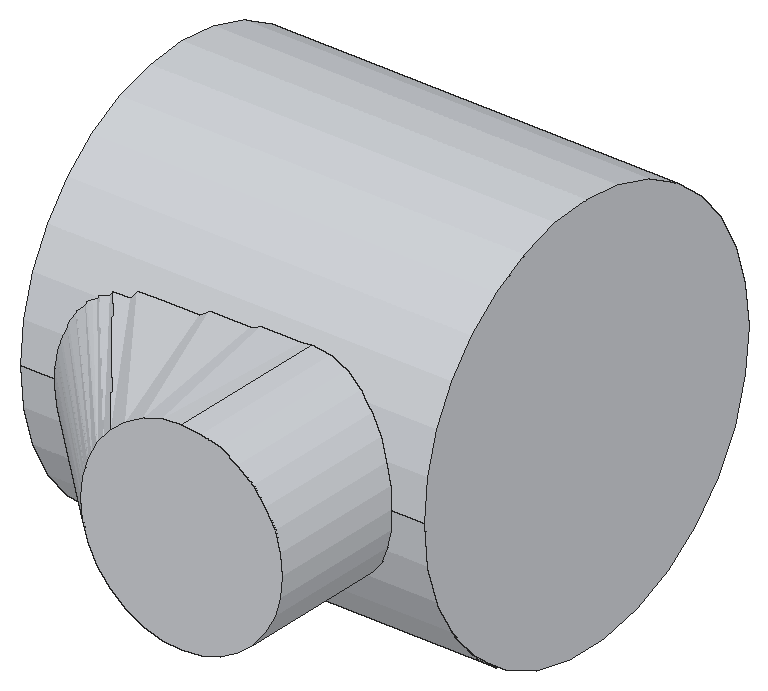
Revit family "M_T redondo - Chanfrado", category Conexões de duto, Revit 2019
Family settings
  Cota do conector redondo = Usar raio
  Tipo de parte = Tê
  Número OmniClass = 23.75.70.14
  Título OmniClass = Air Ductwork
  ID de item do Seek = Round Tee - Beveled-0000-CAN-ENU
  Com base no plano de trabalho = Não
  Sempre na vertical = Sim
  Corte com vazios quando carregada = Não
  Compartilhado = Não
Parameters (values of type "Padrão")
  Comprimento do rebaixo [instance] = 25 mm
  Raio [instance] = if(Raio do duto 1 > Raio do duto 3, Raio do duto 1, Raio do duto 3)  # 150 mm
  Comprimento 7 [instance] = if(Raio do duto 3 > Comprimento 2, Raio do duto 3 + Comprimento do rebaixo, Comprimento 2)  # 100 mm
  Comprimento 6 [instance] = Raio do duto 3 * 2 + Comprimento 1 - Raio do duto 1 + Comprimento do rebaixo * 2  # 300 mm
  Comprimento 5 [instance] = if(Comprimento 6 - Comprimento 2 > Comprimento 2, Comprimento 2, (Comprimento 6 - Comprimento 2))  # 100 mm
  Comprimento 4 [instance] = Comprimento do duto 3 + Raio do duto 1  # 250 mm
  Comprimento 3 [instance] = Raio base - Raio do duto 3  # 125 mm
  Comprimento 2 [instance] = Raio do duto 3 + Comprimento do rebaixo  # 100 mm
  Comprimento 1 [instance] = if(or(Comprimento 4 = Raio do duto 1, Comprimento 4 < Raio do duto 1), Raio do duto 1 + Comprimento do duto 3, Comprimento 4)  # 250 mm
  Raio do duto 3 [instance] = 75 mm
  Raio do duto 1 [instance] = 150 mm
  Comprimento do duto 3 [instance] = if(Diâmetro do duto 3 < 210 mm, 100 mm, (if(Diâmetro do duto 3 < 360 mm, 175 mm, (if(Diâmetro do duto 3 < 650 mm, 250 mm, 325 mm)))))  # 100 mm
  Comprimento do duto 1 [instance] = if(Raio do duto 3 > Comprimento 5, (Comprimento 6 + Raio do duto 3 - Comprimento 5 + Comprimento do rebaixo), Comprimento 6)  # 300 mm
  Diâmetro do duto 3 [instance] = Raio do duto 3 * 2  # 150 mm
  Diâmetro do duto 1 [instance] = Raio do duto 1 * 2  # 300 mm
  Raio base [instance] = (Diâmetro do duto 3 + Comprimento 1) / 2  # 200 mm
  Assembly Code = ""
Reference planes
  plane 1 "Centro (Frente/Trás)": y = 0
  plane 2: z = 0
  plane 3 "Centro (Esquerda/Direita)": x = 0
  plane 4: x = -200
  plane 5: x = 100
  plane 6: y = -250
  plane 7: x = -250
  plane 8: x = -450
Forms (mm)
  Sweep 1, solid, detail levels medium+fine
    path origin (0, 0, 0) x (1, 0, 0) y (0, 1, 0)
      loop
        line (-200, 0) -> (100, 0)
    profile origin (-50, 0, 0) x (0, 1, 0) y (0, 0, 1)
      loop
        circle (0, 0) r 150
  Blend 2, solid, detail levels medium+fine
    base sketch origin (0, 0, 0) x (1, 0, 0) y (0, 0, 1)
      loop
        arc (-250, 75) -> (-325, 0) -> (-250, -75) r 75
        line (-250, -75) -> (0, -75)
        arc (0, -75) -> (75, 0) -> (0, 75) r 75
        line (0, 75) -> (-250, 75)
    top sketch origin (0, 0, 0) x (1, 0, 0) y (0, 0, 1)
      loop
        arc (0, 75) -> (-28.701, 69.291) -> (-53.033, 53.033) r 75
        arc (-53.033, 53.033) -> (-75, 0) -> (-53.033, -53.033) r 75
        arc (-53.033, -53.033) -> (-28.701, -69.291) -> (0, -75) r 75
        arc (0, -75) -> (75, 0) -> (0, 75) r 75
    from 0 to 250
  Sweep 3, void
    path origin (0, 0, 0) x (1, 0, 0) y (0, 1, 0)
      loop
        line (-450, 0) -> (-200, 0)
    profile origin (-325, 0, 0) x (0, 1, 0) y (0, 0, 1)
      loop
        circle (0, 0) r 150
  Sweep 4, void
    path origin (0, 0, 0) x (1, 0, 0) y (0, 1, 0)
      loop
        line (-450, 0) -> (-200, 0)
    profile origin (-325, 0, 0) x (0, 1, 0) y (0, 0, 1)
      loop
        circle (0, 0) r 152.4
  Sweep 5, void
    path origin (0, 0, 0) x (1, 0, 0) y (0, 1, 0)
      loop
        line (-450, 0) -> (-200, 0)
    profile origin (-325, 0, 0) x (0, 1, 0) y (0, 0, 1)
      loop
        circle (0, 0) r 150
  Extrusion 6, solid, not visible
    sketch origin (0, 0, 0) x (1, 0, 0) y (0, 0, 1)
      loop
        circle (0, 0) r 0.635
    from 0 to 250
Cuts and joins
  Sweep 3, Sweep 4, Sweep 5 cuts Sweep 1
  Sweep 3, Sweep 4, Sweep 5 cuts Blend 2
Lines and regions (mm)
  model lines, style "DuctFitting", detail levels coarse
    curve 1: line (-200, 0, 0) -> (100, 0, 0)
  model lines, detail levels coarse
    curve 2: line (0, 0, 0) -> (0, -250, 0)
  reference lines
    curve 3: line (0, 0, 0) -> (-228.997, 0, 228.997)
    curve 4: line (0, 0, 0) -> (-220.016, 0, -220.016)
Dimensions and locks
  "Comprimento 1": curve 2 to curve 2
  "Comprimento do duto 1": plane 4 to plane 5
  "Comprimento 7": plane 3 "Centro (Esquerda/Direita)" to plane 5
  "Comprimento 1": plane 6 to plane 1 "Centro (Frente/Trás)"
  "Comprimento 1": plane 7 to plane 3 "Centro (Esquerda/Direita)"
  "Comprimento 1": plane 8 to plane 4
  "Raio do duto 1": radius of Sweep 1 sketch curve
  "Raio do duto 3": radius of Blend 2 sketch curve  (x6)
  "Raio do duto 1": radius of Sweep 3 sketch curve
  radius of Extrusion 6 sketch curve = 0.635 mm
  "Raio": radius of Sweep 5 sketch curve
  locked: curve 2 to plane 1 "Centro (Frente/Trás)" (angle 90.00°)
  angle plane 3 "Centro (Esquerda/Direita)" to curve 3 = 45.00°
  angle curve 4 to plane 3 "Centro (Esquerda/Direita)" = 45.00°
  aligned and locked: plane 4 to curve 1
  aligned and locked: plane 5 to curve 1
  aligned and locked: Sweep 1 sketch curve to curve 1
  aligned and locked: profile plane to Sweep 1 sketch curve  (x2)
  aligned and locked: plane 3 "Centro (Esquerda/Direita)" to curve 2
  aligned and locked: plane 3 "Centro (Esquerda/Direita)" to Blend 2 sketch curve  (x4)
  aligned and locked: plane 2 to Blend 2 sketch curve  (x3)
  aligned and locked: Blend 2 to plane 1 "Centro (Frente/Trás)"
  aligned and locked: Blend 2 to plane 6
  aligned and locked: plane 7 to Blend 2 sketch curve
  aligned and locked: plane 1 "Centro (Frente/Trás)" to Sweep 3 sketch curve
  aligned and locked: plane 8 to Sweep 3 sketch curve
  aligned and locked: plane 4 to Sweep 3 sketch curve
  aligned and locked: profile plane to Sweep 3 sketch curve  (x2)
  aligned and locked: plane 1 "Centro (Frente/Trás)" to Sweep 4 sketch curve
  aligned and locked: plane 8 to Sweep 4 sketch curve
  aligned and locked: plane 4 to Sweep 4 sketch curve
  aligned and locked: profile plane to Sweep 4 sketch curve  (x2)
  aligned and locked: plane 1 "Centro (Frente/Trás)" to Sweep 5 sketch curve
  aligned and locked: plane 8 to Sweep 5 sketch curve
  aligned and locked: plane 4 to Sweep 5 sketch curve
  aligned and locked: profile plane to Sweep 5 sketch curve  (x2)
  aligned and locked: plane 3 "Centro (Esquerda/Direita)" to curve 3
  aligned and locked: plane 2 to curve 3
  aligned and locked: curve 3 to Blend 2 sketch curve
  aligned and locked: curve 4 to Blend 2 sketch curve
  aligned and locked: plane 3 "Centro (Esquerda/Direita)" to Extrusion 6 sketch curve
  aligned and locked: plane 2 to Extrusion 6 sketch curve
  aligned and locked: Extrusion 6 to plane 1 "Centro (Frente/Trás)"
  aligned and locked: Extrusion 6 to plane 6
Automatic sketch dimensions
  Sweep 1 sketch curve to plane 4 = 0 mm
  Sweep 1 sketch curve to plane 5 = 0 mm
  curve 2 to plane 6 = 0 mm
  radius of Sweep 4 sketch curve = 152.4 mm
Connectors
  hvac at (-200, 0, 0), driven by "Raio do duto 1"
    settings: on Sweep 1, index 1, duct flow 0.0 L/s, flow factor 0, pres drop 0.0 Pa, loss coef 0, conn angle 0.00°, conn width 304.8 mm, conn height 304.8 mm, conn diameter 300 mm, duct sys type 28, conn prof type 0, flow config 0, flow direction 0, loss method 0, conn ref index 2, conn util no, is conn primary yes, conn desc ""
  hvac at (100, 0, 0), driven by "Raio do duto 1"
    settings: on cut or joined group of Sweep 1, Sweep 3, Sweep 4, Sweep 5, index 2, duct flow 0.0 L/s, flow factor 0, pres drop 0.0 Pa, loss coef 0, conn angle 0.00°, conn width 304.8 mm, conn height 304.8 mm, conn diameter 300 mm, duct sys type 28, conn prof type 0, flow config 0, flow direction 0, loss method 0, conn ref index 1, conn util no, is conn primary no, conn desc ""
  hvac at (0, -250, 0), driven by "Raio do duto 3"
    settings: on Extrusion 6, index 3, duct flow 0.0 L/s, flow factor 0, pres drop 0.0 Pa, loss coef 0, conn angle 0.00°, conn width 304.8 mm, conn height 304.8 mm, conn diameter 150 mm, duct sys type 28, conn prof type 0, flow config 0, flow direction 0, loss method 0, conn ref index -1, conn util no, is conn primary no, conn desc ""
